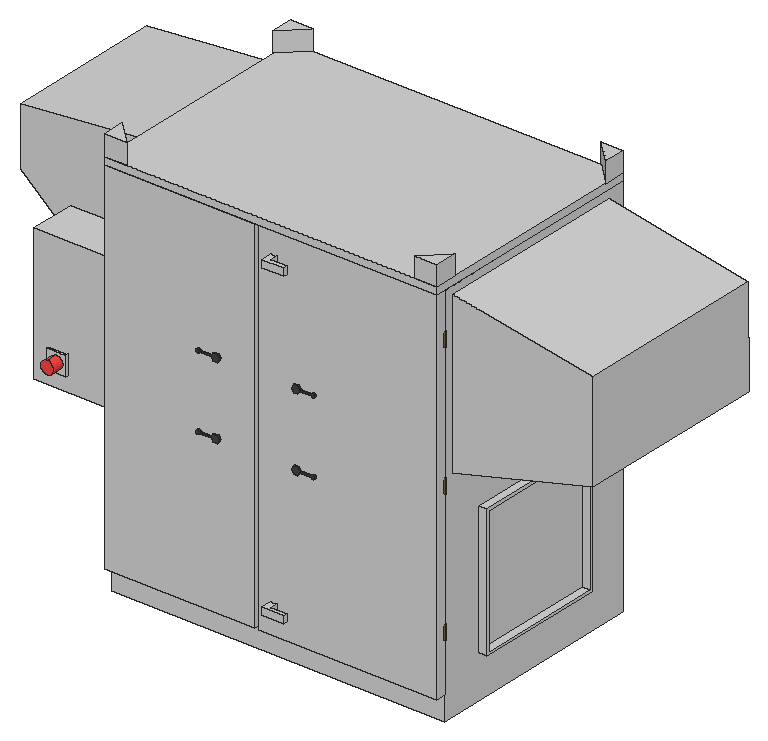
Revit family "Ventilator-RenewAire-Energy-Recovery-HE1.5XRTH", category Mechanical Equipment, Revit 2015
Parameters (values of type "1.0 HP 120V Single Phase")
  Voltage = "120"
  Ventilation Type = "Static Plate, Heat and Humidity Transfer"
  Unit Width = "33-1/4\""
  Unit Weight = "394-548 lbs."
  Unit Length = "86\""
  Unit Height = "56-3/4\""
  Unit = Metal - RenewAire - Anodized - Gray Text
  URL = "www.renewaire.com"
  Typical Airflow Range = "375 - 1,575 CFM"
  Standard Features = "Non-Fused Disconnect, 24VAC Transformer/Relay Package"
  Shipping Weight = "615 lbs."
  Service Area Visibility = no
  Service Area Box = Interference - RenewAire - Smooth - Light - Gold
  Revit Object Download Link = ""
  Phase = "Single"
  Options = "Qty. 2, EC Motor (see HE1.5XRT EC Motor submittal), 1.0 HP 120V/1Ph/60HZ, 1.0HP 208-230V/1Ph/60HZ, Integrated programmable controls, Fused disconnect, Double wall construction, Factory supplied and mounted variable frequency drives(VFDs) - one or both airstreams, Gravity backdraft dampers, Class 1 low leakage motorized isolation dampers – FA, EA or both airstreams, Qty. 2 Factory mounted filter alarms, Independent blower control, Exterior paint - white, custom colors"
  Number Motors = "Qty. 2, 1.0 HP ea., Direct drive standard motorized impeller packages"
  Model = "HE1.5XRTH"
  Minimum Circuit Amps = "14.6 A"
  Maximum Overcurrent Protection = "20 A"
  Max. Shipping Width = "47\""
  Max. Shipping Length = "70\""
  Max. Shipping Height = "83\""
  Manufacturer = "RenewAire LLC"
  Frequency = "60 HZ"
  FLA per Motor = "6.5"
  Description = "Energy Recovery Ventilator"
  Accessories = "Filters - MERV 13, 2\" (shipped loose), Backdraft Damper - OA or EA, Roof curb - standard 14\", Curb wind clip, Engineered combo curb for Carrier RTU, Engineered combo curb for Trane RTU, Digital time clock - wall mount(TC7D-W), in exterior enclosure (TC7D-E), Motion occupancy control - ceiling mount(MC-C), wall mount(MC-W), Carbon dioxide control - wall mount (CO2-W), duct mount(CO2-D), Electric duct heater – EK series (1-60 KW); designed for indoor ductwork installation only, Indirect gas-fired duct furnace - GH Series (50-400 MBH), installed downstream of any fans"
  AHRI 1060 Certified Core = "One L62-G5 and one L125-G5"
Types (6): name | Voltage | Phase | Minimum Circuit Amps | Maximum Overcurrent Protection | FLA per Motor
  (no name) | "120" | "Single" | "14.6 A" | "20 A" | "6.5"
  1.0 HP 120V Single Phase | "120" | "Single" | "14.6 A" | "20 A" | "6.5"
  1.0 HP 208-230 Single Phase | "208-230" | "Single" | "7.7 A" | "15 A" | "3.3-3.4"
  1.0 HP 277 Single Phase | "277" | "Single" | "6.1 A" | "15 A" | "2.7"
  1.0 HP 208-230 Three Phase | "208-230" | "Three" | "5.0" | "15 A" | "2.2-2.2"
  1.0 HP 460 Three Phase | "460" | "Three" | "2.5 A" | "15 A" | "1.1"
Reference planes (in)
  plane 1 "Center (Front/Back)": y = 0
  plane 2: z = 0
  plane 3 "Center (Left/Right)": x = 0
  plane 4 "MinServiceArea": y = -36.0625
  plane 5: z = 54
  plane 6: z = 53
Forms (in)
  Extrusion 1, solid, material "Metal - RenewAire - Anodized - Gray Text" <- "Unit"
    sketch origin (28, 0, 24.5625) x (0, 0, 1) y (0, 1, 0)
      loop
        line (-24.5625, 15.9375) -> (-24.5625, -14.6875) -> (28.4375, -14.6875) -> (28.4375, 15.9375) -> (-24.5625, 15.9375)
    from 3.25 to 48.875
  Extrusion 2, solid, material "Metal - RenewAire - Anodized - Gray Text" <- "Unit"
    sketch origin (28, 0, 24.5625) x (0, 0, 1) y (-1, 0, 0)
      loop
        line (-21.3125, 48.875) -> (-21.3125, 28.25) -> (28.4375, 28.25) -> (28.4375, 48.875) -> (-21.3125, 48.875)
      loop
        line (-21.3125, 27.75) -> (-21.3125, 3.25) -> (28.4375, 3.25) -> (28.4375, 27.75) -> (-21.3125, 27.75)
    from 14.6875 to 15.9375
  Extrusion 3, solid, material "Interference - RenewAire - Smooth - Light - Gold" <- "Service Area Box", visible <- "Service Area Visibility"
    sketch origin (28, 0, 24.5625) x (0, 1, 0) y (-1, 0, 0)
      loop
        line (-15.9375, 48.875) -> (-40.4375, 48.875) -> (-40.4375, 3.25) -> (-15.9375, 3.25) -> (-15.9375, 48.875)
    from -21.3125 to 29.4375
  Extrusion 4, solid, material "Metal - RenewAire - Anodized - Gray Text" <- "Unit"
    sketch origin (-19.375, 0, 42.6875) x (0, 0, 1) y (-1, 0, 0)
      loop
        line (-18.6875, 10.625) -> (-18.6875, 8) -> (-16.0625, 8) -> (-16.0625, 10.625) -> (-18.6875, 10.625)
    from 14.1875 to 14.5
  Extrusion 5, solid, material "Plastic Red"
    sketch origin (-19.375, 0, 42.6875) x (0, 0, 1) y (-1, 0, 0)
      loop
        circle (-17.375, 9.3125) r 0.875
    from 14.5 to 16
  Extrusion 6, solid, material "MonitorPorts"
    sketch origin (29.60669, 0, 34.19097) x (0, 0, 1) y (-1, 0, 0)
      loop
        line (-9.53348, 35.65895) -> (-9.94097, 35.42369) -> (-9.94097, 34.83769) -> (-9.43348, 34.54469) -> (-8.92599, 34.83769) -> (-8.92599, 35.42369) -> (-9.33348, 35.65895) -> (-9.33348, 37.28756)
        arc (-9.33348, 37.28756) -> (-9.43348, 37.76669) -> (-9.53348, 37.28756) r 0.25
        line (-9.53348, 37.28756) -> (-9.53348, 35.65895)
    from 15.9375 to 16.15339
  Extrusion 7, solid, material "MonitorPorts"
    sketch origin (29.60669, 0, 44.19097) x (0, 0, 1) y (-1, 0, 0)
      loop
        line (-9.53348, 35.65895) -> (-9.94097, 35.42369) -> (-9.94097, 34.83769) -> (-9.43348, 34.54469) -> (-8.92599, 34.83769) -> (-8.92599, 35.42369) -> (-9.33348, 35.65895) -> (-9.33348, 37.28756)
        arc (-9.33348, 37.28756) -> (-9.43348, 37.76669) -> (-9.53348, 37.28756) r 0.25
        line (-9.53348, 37.28756) -> (-9.53348, 35.65895)
    from 15.9375 to 16.15339
  Extrusion 8, solid, material "MonitorPorts"
    sketch origin (-29.60458, 0, 25.32401) x (0, 0, -1) y (1, 0, 0)
      loop
        line (-9.53348, 35.65895) -> (-9.94097, 35.42369) -> (-9.94097, 34.83769) -> (-9.43348, 34.54469) -> (-8.92599, 34.83769) -> (-8.92599, 35.42369) -> (-9.33348, 35.65895) -> (-9.33348, 37.28756)
        arc (-9.33348, 37.28756) -> (-9.43348, 37.76669) -> (-9.53348, 37.28756) r 0.25
        line (-9.53348, 37.28756) -> (-9.53348, 35.65895)
    from 15.9375 to 16.15339
  Extrusion 9, solid, material "MonitorPorts"
    sketch origin (-29.60458, 0, 15.32401) x (0, 0, -1) y (1, 0, 0)
      loop
        line (-9.53348, 35.65895) -> (-9.94097, 35.42369) -> (-9.94097, 34.83769) -> (-9.43348, 34.54469) -> (-8.92599, 34.83769) -> (-8.92599, 35.42369) -> (-9.33348, 35.65895) -> (-9.33348, 37.28756)
        arc (-9.33348, 37.28756) -> (-9.43348, 37.76669) -> (-9.53348, 37.28756) r 0.25
        line (-9.53348, 37.28756) -> (-9.53348, 35.65895)
    from 15.9375 to 16.15339
  Extrusion 10, solid, material "Metal - RenewAire - Anodized - Gray Text"
    sketch origin (0, 0, 0) x (0, 1, 0) y (0, 0, 1)
      loop
        line (11.1875, 23.875) -> (-6.8125, 23.875) -> (-6.8125, 5.875) -> (11.1875, 5.875) -> (11.1875, 23.875)
      loop
        line (10.9375, 23.625) -> (-6.5625, 23.625) -> (-6.5625, 6.125) -> (10.9375, 6.125) -> (10.9375, 23.625)
    from -25.875 to -20.875
  Extrusion 11, solid, material "Metal - RenewAire - Anodized - Gray Text"
    sketch origin (0, 0, 0) x (0, 1, 0) y (0, 0, 1)
      loop
        line (9.0625, 24) -> (-8.9375, 24) -> (-8.9375, 6) -> (9.0625, 6) -> (9.0625, 24)
      loop
        line (8.8125, 23.75) -> (-8.6875, 23.75) -> (-8.6875, 6.25) -> (8.8125, 6.25) -> (8.8125, 23.75)
    from 24.75 to 26
  Extrusion 12, solid, material "Interference - RenewAire - Smooth - Light - Gold"
    sketch origin (0, 0, 0) x (1, 0, 0) y (0, 1, 0)
      loop
        circle (-21, -14.68889) r 0.125
      loop
        circle (24.875, -14.68889) r 0.125
    from 28 to 30
  Extrusion 13, solid, material "Interference - RenewAire - Smooth - Light - Gold"
    sketch origin (0, 0, 0) x (1, 0, 0) y (0, 1, 0)
      loop
        circle (-21, -14.68889) r 0.125
      loop
        circle (24.875, -14.68889) r 0.125
    from 10 to 12
  Extrusion 14, solid, material "Interference - RenewAire - Smooth - Light - Gold"
    sketch origin (0, 0, 0) x (1, 0, 0) y (0, 1, 0)
      loop
        circle (-21, -14.68889) r 0.125
      loop
        circle (24.875, -14.68889) r 0.125
    from 46 to 48
  Extrusion 15, solid, material "Metal - RenewAire - Anodized - Gray Text" <- "Unit"
    sketch origin (0, 0, 0) x (1, 0, 0) y (0, 1, 0)
      loop
        line (-20.875, 15.9375) -> (-20.875, 12.9375) -> (-17.875, 15.9375) -> (-20.875, 15.9375)
      loop
        line (24.75, 15.9375) -> (21.75, 15.9375) -> (24.75, 12.9375) -> (24.75, 15.9375)
      loop
        line (-20.875, -15.9375) -> (-17.875, -15.9375) -> (-20.875, -12.9375) -> (-20.875, -15.9375)
      loop
        line (24.75, -15.9375) -> (24.75, -12.9375) -> (21.75, -15.9375) -> (24.75, -15.9375)
    from 54 to 56.75
  Extrusion 16, solid, material "Metal - RenewAire - Anodized - Gray Text" <- "Unit"
    sketch origin (0, 0, 0) x (0, 1, 0) y (0, 0, 1)
      loop
        line (15.9375, 53) -> (15.9375, 54) -> (-15.9375, 54) -> (-15.9375, 53) -> (15.9375, 53)
    from -20.875 to 24.75
  Extrusion 17, solid, material "Metal - RenewAire - Anodized - Gray Text" <- "Unit"
    sketch origin (0, 0, 0) x (1, 0, 0) y (0, 0, 1)
      loop
        line (-20.875, 40.5) -> (-32, 40.5) -> (-32, 22) -> (-20.875, 22) -> (-20.875, 40.5)
    from 7.8125 to 14.1875
  Extrusion 18, solid, material "Metal - RenewAire - Anodized - Gray Text" <- "Unit"
    sketch origin (0, 0, 0) x (1, 0, 0) y (0, 0, 1)
      loop
        line (24.75, 30) -> (44, 35) -> (44, 48.5) -> (24.75, 52) -> (24.75, 30)
    from 13.375 to -13.375
  Extrusion 19, solid, material "Metal - RenewAire - Anodized - Gray Text" <- "Unit"
    sketch origin (0, 0, 0) x (1, 0, 0) y (0, 0, 1)
      loop
        line (-20.875, 33.375) -> (-20.875, 51.625) -> (-39.75, 49.83802) -> (-39.75, 41.875) -> (-30.125, 33.375) -> (-20.875, 33.375)
    from -14.9375 to 6.8125
  Extrusion 20, void
    sketch origin (0, 0, 0) x (1, 0, 0) y (0, 1, 0)
      loop
        line (-20.375, 15.4375) -> (-20.375, -14.1875) -> (24.25, -14.1875) -> (24.25, 15.4375) -> (-20.375, 15.4375)
    from 0 to 3.25
  Extrusion 21, solid, material "Metal - RenewAire - Anodized - Gray Text" <- "Unit"
    sketch origin (0, 0, 0) x (1, 0, 0) y (0, 1, 0)
      loop
        line (1.9375, -15.9375) -> (1.9375, -17.4375) -> (4.9375, -17.4375) -> (4.9375, -16.9375) -> (2.6875, -16.9375) -> (2.6875, -15.9375) -> (1.9375, -15.9375)
    from 49 to 50
  Extrusion 22, solid, material "Metal - RenewAire - Anodized - Gray Text" <- "Unit"
    sketch origin (0, 0, 0) x (1, 0, 0) y (0, 1, 0)
      loop
        line (1.9375, -15.9375) -> (1.9375, -17.4375) -> (4.9375, -17.4375) -> (4.9375, -16.9375) -> (2.6875, -16.9375) -> (2.6875, -15.9375) -> (1.9375, -15.9375)
    from 6.25 to 7.25
Cuts and joins
  Extrusion 20 cuts Extrusion 1
Dimensions and locks (in)
  aligned and locked: level to plane 2
Connectors (in)
  hvac at (-25.875, 2.1875, 14.875)
    settings: on Extrusion 10, index 1, duct flow 0 CFM, flow factor 0, pres drop 0.00 in-wg, loss coef 0, conn angle 0.00°, conn width 18", conn height 18", conn diameter 24", duct sys type 1, conn prof type 1, flow config 0, flow direction 2, loss method 0, conn ref index -1, conn util no, is conn primary yes, conn desc "FA (Fresh Air)"
  hvac at (26, 0.0625, 15)
    settings: on Extrusion 11, index 2, duct flow 0 CFM, flow factor 0, pres drop 0.00 in-wg, loss coef 0, conn angle 0.00°, conn width 18", conn height 18", conn diameter 24", duct sys type 2, conn prof type 1, flow config 0, flow direction 1, loss method 0, conn ref index -1, conn util no, is conn primary no, conn desc "RA (Return Air)"
